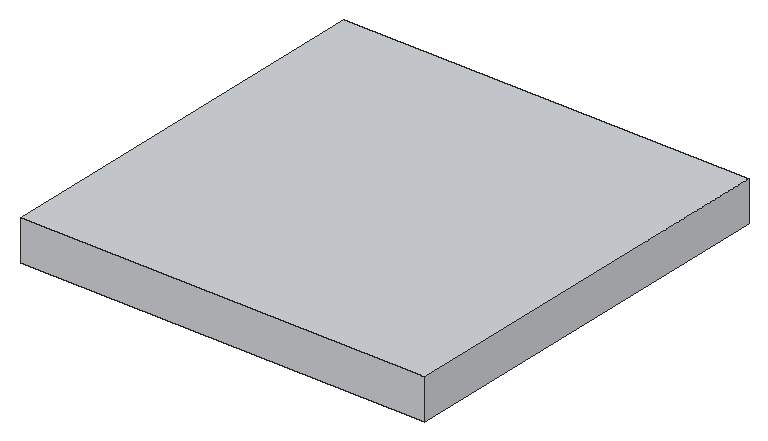
Revit family "Аппарат для измерения артериального давления", category Оборудование, Revit 2017
Family settings
  Размер круглого соединителя = Использовать диаметр
  Тип детали = Нормальный
  На основе рабочей плоскости = Нет
  Всегда вертикально = Да
  При загрузке вырезать с полостями = Нет
  Общий = Нет
  Точка расчета площади = Нет
Parameters (values of type "Тип")
  Общ_Тип, марка = ""
  Общ_Примечание = ""
  Общ_Поставщик = ""
  Общ_Позиция = ""
  Общ_Наименование = "Аппарат для измерения артериального давления"
  Общ_Масса = ""
  Общ_Код продукции = ""
  Общ_Единицы измерения = "шт."
  Keynote = ""
  Model = ""
Reference planes
  plane 1 "По центру (Вперед/Назад)": y = 0
  plane 2: z = 0
  plane 3 "По центру (Влево/Вправо)": x = 0
Forms (mm)
  Extrusion 1, solid, detail levels fine
    sketch origin (0, 0, 0) x (1, 0, 0) y (0, 1, 0)
      loop
        line (-100, -100) -> (100, -100) -> (100, 100) -> (-100, 100) -> (-100, -100)
    from 0 to 20
Lines and regions (mm)
  symbolic lines, detail levels coarse+medium
    curve 1: line (-100, 100, 0) -> (100, 100, 0)
    curve 2: line (-100, -100, 0) -> (-100, 100, 0)
    curve 3: line (100, -100, 0) -> (-100, -100, 0)
    curve 4: line (100, 100, 0) -> (100, -100, 0)
Dimensions and locks
  aligned and locked: level to plane 2
